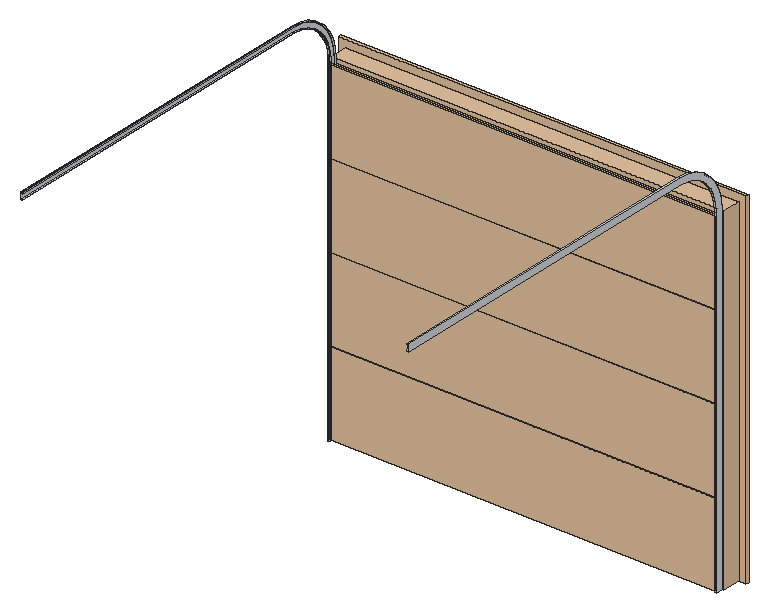
Revit family "M_Porta-Garagem-Nivelada_Painel", category Portas, Revit 2019
Family settings
  Hospedeiro = Parede
  Número OmniClass = 23.30.10.00
  Título OmniClass = Doors
  Sempre na vertical = Sim
  Corte com vazios quando carregada = Não
  Compartilhado = Não
  Ponto de cálculo do ambiente = Não
Parameters (values of type "2400 x 2100mm")
  Visual Light Transmittance = 0
  Material da apara = Cerejeira
  Espessura = 40 mm
  Resistência térmica (R) = 0.455703 (m²·K)/W
  Solar Heat Gain Coefficient = 0
  Largura bruta = Largura + 50 mm  # 2450 mm
  Altura bruta = Altura + 25 mm  # 2125 mm
  Altura do painel = Altura / 4  # 525 mm
  Material do painel = Cerejeira
  Altura = 2100 mm
  Fechamento da parede = Por hospedeiro
  Largura = 2400 mm
  Coeficiente de transferência de calor (U) = 2.19465 W/(m²·K)
  Função = Exterior
  Material da moldura = Cerejeira
  Apara externa [instance] = yes
  Código de montagem = "B2030400"
  Construção analítica = "Madeira"
Reference planes
  plane 1 "Centro (Frente/Trás)": y = 0
  plane 2 "Centro (Esquerda/Direita)": x = 0
  plane 3 "Esquerda": x = -1225
  plane 4 "Direita": x = 1225
  plane 5 "Superior": z = 2125
  plane 6 "Exterior": y = 53.975
  plane 7 "Interior": y = -60.325
  plane 8 "Painel esquerdo da porta": x = -1200
  plane 9 "Painel direito da porta": x = 1200
  plane 10 "Topo do painel": z = 2100
  plane 11: z = 0
  plane 12: z = 0
  plane 13: x = 1218.65
  plane 14: y = 15.875
  plane 15: y = -19.05
  plane 16: y = -100.325
  plane 17: z = 1575
  plane 18: z = 1050
  plane 19: z = 525
  plane 20: y = -2505.125
  plane 21: z = 2404.8
  plane 22: y = -405.125
Forms (mm)
  Sweep 1, solid, material "Cerejeira" <- "Material da moldura"
    path origin (0, 0, 0) x (1, 0, 0) y (0, 0, 1)
      loop
        line (1225, 0) -> (1225, 2125) -> (-1225, 2125) -> (-1225, 0)
    profile origin (1225, 0, 1062.5) x (-1, 0, 0) y (0, -1, 0)
      loop
        line (25, -53.975) -> (25, 60.325) -> (0, 60.325) -> (0, -53.975) -> (25, -53.975)
  Sweep 2, solid, material "Cerejeira" <- "Material da apara", visible <- "Apara externa", detail levels fine
    path origin (0, 53.975, 0) x (1, 0, 0) y (0, 0, 1)
      loop
        line (1200, 0) -> (1200, 2100) -> (-1200, 2100) -> (-1200, 0)
    profile "Perfil de caixa-plano : 20 x 65mm" origin (1200, 53.975, 1050) x (-1, 0, 0) y (0, -1, 0)
      loop
        line (-6.35, -20) -> (-6.35, 0) -> (-71.35, 0) -> (-71.35, -20) -> (-6.35, -20)
  Sweep 3, solid
    path origin (0, 0, 0) x (0, 1, 0) y (0, 0, 1)
      loop
        line (-2505.125, 2404.8) -> (-379.725, 2404.8)
        arc (-379.725, 2404.8) -> (-182.159, 2322.966) -> (-100.325, 2125.4) r 279.4
        line (-100.325, 2125.4) -> (-100.325, 0)
    profile origin (0, -1442.425, 2404.8) x (0, 0, 1) y (1, 0, 0)
      loop
        line (0, 1200) -> (3.175, 1200) -> (3.175, 1209.525) -> (36.8, 1209.525) -> (36.8, 1200) -> (40, 1200) -> (40, 1212.7) -> (0, 1212.7) -> (0, 1200)
      loop
        line (0, -1200) -> (0, -1212.7) -> (40, -1212.7) -> (40, -1200) -> (36.8, -1200) -> (36.8, -1209.525) -> (3.175, -1209.525) -> (3.175, -1200) -> (0, -1200)
Lines and regions (mm)
  Opening 1
    outline origin (-2286, -60.325, 0) x (1, 0, 0) y (0, 0, 1)
      loop
        line (1061, 0) -> (3511, 0) -> (3511, 2125) -> (1061, 2125) -> (1061, 0)
  Masking region 1
    outline origin (0, 0, 0) x (1, 0, 0) y (0, 1, 0)
      loop
        line (-1225, 53.975) -> (-1225, -60.325) -> (-1200, -60.325) -> (-1200, 53.975) -> (-1225, 53.975)
      loop
        line (1225, 53.975) -> (1200, 53.975) -> (1200, -60.325) -> (1225, -60.325) -> (1225, 53.975)
  Masking region 2
    outline origin (0, 0, 0) x (0, 1, 0) y (0, 0, 1)
      loop
        line (53.975, 2125) -> (-60.325, 2125) -> (-60.325, 2118.65) -> (53.975, 2118.65) -> (53.975, 2125)
  Masking region 3
    outline origin (0, 0, 0) x (1, 0, 0) y (0, 1, 0)
      loop
        line (-1200, -60.325) -> (-1200, -100.325) -> (1200, -100.325) -> (1200, -60.325) -> (-1200, -60.325)
  symbolic lines, style "DoorsHiddenLines"
    curve 1: line (-1200, -100.325, 0) -> (-1200, -2505.125, 0)
    curve 2: line (-1200, -2505.125, 0) -> (-1212.3, -2505.125, 0)
    curve 3: line (-1212.3, -2505.125, 0) -> (-1212.3, -60.325, 0)
    curve 4: line (1200, -100.325, 0) -> (1200, -2505.125, 0)
    curve 5: line (1200, -2505.125, 0) -> (1212.7, -2505.125, 0)
    curve 6: line (1212.7, -2505.125, 0) -> (1212.7, -60.325, 0)
Text (mm)
  text "Exterior" at (-1904.17, 693.701, 0), in view "Nível de referência"
  text "Interior" at (-1904.17, -638.649, 0), in view "Nível de referência"
  text "Exterior" at (0, 1019.848, 3124.603), in view "Direita"
  text "Interior" at (0, -1635.541, 3124.603), in view "Direita"
  text "Interior" at (0, -787.806, 3124.376), in view "Esquerda"
  text "Exterior" at (0, 1386.095, 3124.376), in view "Esquerda"
Dimensions and locks
  equal spacing: plane 3 "Esquerda", plane 2 "Centro (Esquerda/Direita)", plane 4 "Direita"
  "Altura bruta": level to plane 5 "Superior"
  equal spacing: plane 8 "Painel esquerdo da porta", plane 2 "Centro (Esquerda/Direita)", plane 9 "Painel direito da porta"
  "Largura": plane 8 "Painel esquerdo da porta" to plane 9 "Painel direito da porta"
  "Altura": level to plane 10 "Topo do painel"
  locked: plane 11 to plane 12
  locked: plane 13 to plane 4 "Direita" at 6.35
  "Largura bruta": plane 3 "Esquerda" to plane 4 "Direita"
  "Espessura": plane 7 "Interior" to plane 16
  equal spacing: plane 10 "Topo do painel", plane 17, plane 18, plane 19, plane 12
  locked: plane 21 to Sweep 3 sketch curve at 279.4
  locked: plane 16 to Sweep 3 sketch curve at 279.4
  locked: Sweep 3 sketch curve to plane 21 at 40  (x2)
  locked: plane 9 "Painel direito da porta" to Sweep 3 sketch curve at 12.7
  locked: Sweep 3 sketch curve to plane 8 "Painel esquerdo da porta" at 12.7
  locked: plane 21 to plane 10 "Topo do painel" at 304.8
  locked: plane 16 to plane 22 at 304.8
  "Altura": plane 20 to plane 22
  locked: Masking region 2 sketch curve to plane 5 "Superior" at 6.35
  locked: plane 3 "Esquerda" to curve 3 at 12.7
  locked: plane 9 "Painel direito da porta" to curve 6 at 12.7
  aligned and locked: plane 3 "Esquerda" to Opening 1 sketch curve
  aligned and locked: plane 5 "Superior" to Opening 1 sketch curve  (x2)
  aligned and locked: Opening 1 sketch curve to plane 4 "Direita"
  aligned and locked: Opening 1 sketch curve to level
  aligned and locked: plane 6 "Exterior" to host wall
  aligned and locked: plane 7 "Interior" to host wall
  aligned and locked: plane 5 "Superior" to Sweep 1 sketch curve
  aligned and locked: plane 4 "Direita" to Sweep 1 sketch curve
  aligned and locked: Sweep 1 sketch curve to plane 3 "Esquerda"
  aligned and locked: plane 11 to level
  aligned and locked: plane 11 to Sweep 1 sketch curve  (x2)
  aligned and locked: Sweep 1 sketch curve to host wall
  aligned and locked: Sweep 1 sketch curve to plane 7 "Interior"
  aligned and locked: plane 9 "Painel direito da porta" to Sweep 2 sketch curve
  aligned and locked: Sweep 2 sketch curve to plane 8 "Painel esquerdo da porta"
  aligned and locked: Sweep 2 sketch curve to plane 10 "Topo do painel"
  aligned and locked: Masking region 1 sketch curve to plane 3 "Esquerda"
  aligned and locked: plane 8 "Painel esquerdo da porta" to Masking region 1 sketch curve
  aligned and locked: Masking region 1 sketch curve to plane 7 "Interior"
  aligned and locked: plane 6 "Exterior" to Masking region 1 sketch curve
  aligned and locked: plane 9 "Painel direito da porta" to Masking region 1 sketch curve
  aligned and locked: Masking region 1 sketch curve to plane 4 "Direita"
  aligned and locked: plane 7 "Interior" to Masking region 1 sketch curve
  aligned and locked: Masking region 1 sketch curve to plane 6 "Exterior"
  aligned and locked: plane 11 to Sweep 2 sketch curve  (x2)
  aligned and locked: plane 2 "Centro (Esquerda/Direita)" to nested 1
  aligned and locked: plane 7 "Interior" to nested 1
  aligned and locked: nested 2 to plane 19
  aligned and locked: nested 3 to plane 18
  aligned and locked: nested 4 to plane 17
  aligned and locked: plane 12 to Sweep 3 sketch curve
  aligned and locked: Sweep 3 sketch curve to plane 21
  aligned and locked: nested 2 to plane 16
  aligned and locked: nested 3 to plane 16
  aligned and locked: nested 4 to plane 16
  aligned and locked: Sweep 1 sketch curve to profile plane
  aligned and locked: plane 5 "Superior" to Masking region 2 sketch curve
  aligned and locked: plane 6 "Exterior" to Masking region 2 sketch curve
  aligned and locked: Masking region 2 sketch curve to plane 7 "Interior"
  aligned and locked: nested 1 to Masking region 3 sketch curve
  aligned and locked: Masking region 3 sketch curve to Sweep 1
  aligned and locked: Masking region 3 sketch curve to nested 1  (x2)
  aligned and locked: plane 8 "Painel esquerdo da porta" to curve 1
  aligned and locked: plane 9 "Painel direito da porta" to curve 4
  aligned and locked: curve 5 to plane 20
  aligned and locked: plane 20 to curve 2
  aligned and locked: Sweep 1 sketch curve to plane 9 "Painel direito da porta"
Automatic sketch dimensions
  Sweep 3 sketch curve to plane 20 = 0 mm
  Sweep 3 sketch curve to profile plane = 0 mm  (x2)
  Sweep 3 sketch curve to profile plane = 3.175 mm  (x2)
  Sweep 3 sketch curve to Sweep 3 sketch curve = 3.2 mm  (x2)
  Sweep 3 sketch curve to Sweep 3 sketch curve = 3.175 mm  (x2)
  Sweep 3 sketch curve to Sweep 3 sketch curve = 9.525 mm  (x3)
  Sweep 3 sketch curve to Sweep 3 sketch curve = 0 mm
  host wall to curve 3 = 0 mm
  host wall to curve 6 = 0 mm
  curve 1 to plane 16 = 0 mm
  curve 4 to plane 16 = 0 mm
Nested families
  nested 1: "Painel de garagem - Nivelado" at (0, -60.325, 0), Material do painel <- "Material do painel", type "Painel de garagem - Nivelado"
    with Material do painel Cerejeira, h 525 mm
  nested 2: "Painel de garagem - Nivelado" at (0, -60.325, 525), Material do painel <- "Material do painel", type "Painel de garagem - Nivelado"
    with Material do painel Cerejeira, h 525 mm
  nested 3: "Painel de garagem - Nivelado" at (0, -60.325, 1050), Material do painel <- "Material do painel", type "Painel de garagem - Nivelado"
    with Material do painel Cerejeira, h 525 mm
  nested 4: "Painel de garagem - Nivelado" at (0, -60.325, 1575), Material do painel <- "Material do painel", type "Painel de garagem - Nivelado"
    with Material do painel Cerejeira, h 525 mm
Definition of nested family "Painel de garagem - Nivelado"
  Parameters (values of type "Painel de garagem - Nivelado")
    w = 2400 mm
    t = 40 mm
    h = 530 mm
    Material do painel [instance] = none
    Analytic Construction = "<Nenhum>"
  Reference planes
    plane 1 "Centro (Frente/Trás)": y = 0
    plane 2: z = 0
    plane 3 "Centro (Esquerda/Direita)": x = 0
    plane 4: x = -1200
    plane 5: x = 1200
    plane 6: y = -40
    plane 7: z = 530
    plane 8: x = -1174.6
    plane 9: x = 1174.6
    plane 10: y = -20
  Forms (mm)
    Extrusion 1, solid, material <- "Material do painel"
      sketch origin (0, 0, 0) x (0, 1, 0) y (0, 0, 1)
        loop
          line (-40, 533.175) -> (-40, 6.35) -> (-16.825, 6.35) -> (-16.825, 0) -> (0, 0) -> (0, 526.825) -> (-23.175, 526.825) -> (-23.175, 533.175) -> (-40, 533.175)
      from -1200 to 1200
  Dimensions and locks
    "w": plane 4 to plane 5
    equal spacing: plane 4, plane 3 "Centro (Esquerda/Direita)", plane 5
    "t": plane 6 to plane 1 "Centro (Frente/Trás)"
    "h": plane 7 to plane 2
    locked: plane 8 to plane 4 at 25.4
    plane 5 to plane 9 = 25.4 mm
    equal spacing: plane 1 "Centro (Frente/Trás)", plane 10, plane 6
    locked: plane 7 to Extrusion 1 sketch curve at 3.175
    locked: Extrusion 1 sketch curve to plane 7 at 3.175
    locked: plane 10 to Extrusion 1 sketch curve at 3.175
    locked: Extrusion 1 sketch curve to plane 10 at 3.175
    locked: Extrusion 1 sketch curve to plane 2 at 6.35
    aligned and locked: plane 1 "Centro (Frente/Trás)" to Extrusion 1 sketch curve
    aligned and locked: plane 6 to Extrusion 1 sketch curve
    aligned and locked: plane 5 to Extrusion 1
    aligned and locked: Extrusion 1 to plane 4
  Automatic sketch dimensions
    Extrusion 1 sketch curve to level = 0 mm
